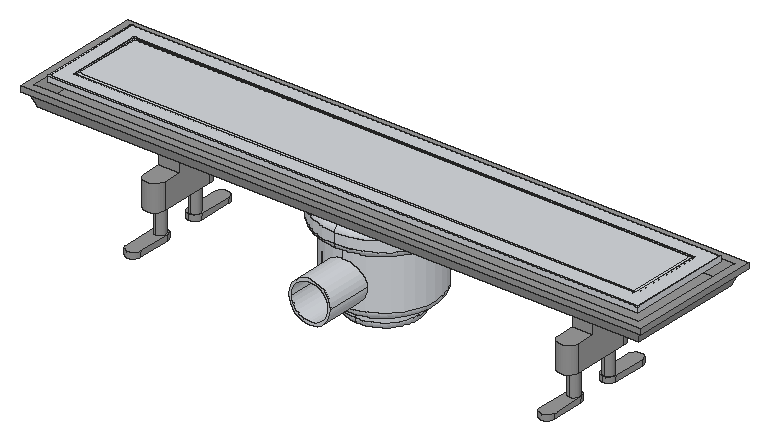
Revit family "S-779", category Plumbing Fixtures, Revit 2015
Parameters (values of type "70x550mm_Soft")
  WFU = 1
  URL = "http://www.jimten.com/en/producto/508/canaleta-linnum-salida-orientable-ancho-70-rejilla-soft"
  Total Minimum Height = "121-131 mm"  # constant formula
  Type Grid = 8
  Size = "550mm x 70mm"
  Reference = "13745"
  Outlet = "40M/50M"  # constant formula
  Model = "S-779"  # constant formula
  Material = ABS
  Hidraulic seal = "50 mm"  # constant formula
  H_Diameter = 40 mm
  Manufacturer = "Jimten"  # constant formula
  Grid = INOX AISI304
  Flowrate = 0.8 L/s  # constant formula
  Emin = 6 mm  # constant formula
  Emax = 16 mm  # constant formula
  E_Calc [instance] = if(E_HeightGrid < Emax, if(E_HeightGrid > Emin, E_HeightGrid, Emin), Emax)  # 8 mm
  E_HeightGrid [instance] = 8 mm
  DistLegs = 400 mm
  Description = "SHOWER CHANNEL FOR TILED SHOWERS, ORIENTABLE TRAP, ORIENTABLE HORIZONTAL OUTLET, WITH GRID SOFT, WITH HEIGHT REGULATION FEET"  # constant formula
  Type Comments = "WITH PRESSING RING FOR WATERPROOFING PVC OR GEOTEXTILE MEMBRANES. WITH PROTECTION COVER.  WITH GRID HEIGHT ADJUSTABLE."  # constant formula
  B_Grid = 570 mm
  A_Outlet = 600 mm
Types (6, lengths in mm): name | URL | Type Grid | Size | Reference | DistLegs | B_Grid | A_Outlet
  70x650mm_Soft | "http://www.jimten.com/en/producto/508/canaleta-linnum-salida-orientable-ancho-70-rejilla-soft" | 10 | "650mm x 70mm" | "13746" | 500 | 670 | 700
  70x750mm_Soft | "http://www.jimten.com/en/producto/508/canaleta-linnum-salida-orientable-ancho-70-rejilla-soft" | 11 | "750mm x 70mm" | "13747" | 600 | 770 | 800
  70x850mm_Soft | "http://www.jimten.com/en/producto/508/canaleta-linnum-salida-orientable-ancho-70-rejilla-softhttp://www.jimten.com/es/producto/508/canaleta-linnum-salida-orientable-ancho-70-rejilla-soft" | 13 | "850mm x 70mm" | "13748" | 700 | 870 | 900
  70x950mm_Soft | "http://www.jimten.com/en/producto/508/canaleta-linnum-salida-orientable-ancho-70-rejilla-soft" | 14 | "950mm x 70mm" | "13749" | 800 | 970 | 1000
  70x350mm_Soft | "http://www.jimten.com/en/producto/508/canaleta-linnum-salida-orientable-ancho-70-rejilla-soft" | 5 | "350mm x 70mm" | "13743" | 300 | 370 | 400
  70x550mm_Soft | "http://www.jimten.com/en/producto/508/canaleta-linnum-salida-orientable-ancho-70-rejilla-soft" | 8 | "550mm x 70mm" | "13745" | 400 | 570 | 600
Reference planes
  plane 1 "Center (Front/Back)": y = 0
  plane 2: z = 0
  plane 3 "Center (Left/Right)": x = 0
  plane 4: z = -8
  plane 5: x = -200
  plane 6: x = 200
Dimensions and locks
  "E_Calc": plane 2 to plane 4
  equal spacing: plane 5, plane 3 "Center (Left/Right)", plane 6
  "DistLegs": plane 5 to plane 6
  aligned and locked: level to plane 2
  aligned and locked: plane 4 to nested 1
  aligned and locked: nested 4 to nested 1
  aligned and locked: nested 3 to nested 1
  aligned and locked: nested 4 to plane 6
  aligned and locked: nested 3 to plane 5
Nested families
  nested 1: "S-779_Outlet" at (0, 0, -8), type "S-779_Outlet"
    with A 600 mm
  nested 2: "S-779_RejillaSoft" at (0, 0, 0), type "S-779_RejillaSoft"
  nested 3: "S-779_Patas" at (-190, -60.1, -124) x (0, 1, 0) z (0, 0, 1), type "S-779_Patas"
  nested 4: "S-779_Patas" at (210, -60.1, -124) x (0, 1, 0) z (0, 0, 1), type "S-779_Patas"
Connectors
  piping at (0, -90, -79), diameter 40, driven by "H_Diameter", driven by "WFU", driven by "Flowrate"
    settings: on nested 1, index 1, connector inside diameter 609.6 mm, connector length 0 mm, flow factor 0, pipe flow 0.8 L/s, pressure drop 0.0 Pa, fitting loss kfactor 0, connector angle 0.00°, fixture units 1, engagement length 0 mm, angle of deflection 0.00°, flow configuration 0, flow direction 2, fitting loss method 0, system type 16, joint type 0, gender type 0, connector reference index -1, connector utility 0, adjustable connector yes, is connector primary yes, connector description ""
Definition of nested family "S-779_Outlet"
  Parameters (values of type "S-771_Outlet")
    MaterialOutlet = none
    I = 25 mm
    H = 40 mm
    Hint = H - 5 mm  # 35 mm
    D = 116 mm
    G = 130 mm
    A = 1000 mm
  Reference planes
    plane 1 "Center (Front/Back)": y = 0
    plane 2: z = 0
    plane 3 "Center (Left/Right)": x = 0
    plane 4: x = -500
    plane 5: x = 500
    plane 6: y = 65
    plane 7: y = -65
    plane 8: z = -116
    plane 9: y = -90
    plane 10: z = -71
  Forms (mm)
    Sweep 1, solid, material <- "MaterialOutlet"
      path origin (0, 0, 0) x (1, 0, 0) y (0, 1, 0)
        loop
          line (-500, -65) -> (500, -65) -> (500, 65) -> (-500, 65) -> (-500, -65)
      profile origin (-500, 0, 0) x (-1, 0, 0) y (0, 0, 1)
        loop
          line (0, 0) -> (-7.504, 0) -> (-12.925, -14) -> (-17.925, -14) -> (-17.925, -19) -> (-9.5, -19) -> (-4.059, -4.951) -> (0, -4.951) -> (0, 0)
    Extrusion 2, solid, material <- "MaterialOutlet"
      sketch origin (0, 0, 0) x (1, 0, 0) y (0, 1, 0)
        loop
          line (-482.075, 47.075) -> (-482.075, -47.075) -> (482.075, -47.075) -> (482.075, 47.075) -> (-482.075, 47.075)
        loop
          circle (0, 0) r 25
      from -19 to -14
    Revolve 3, solid
      sketch origin (0, 0, 0) x (0, 1, 0) y (0, 0, 1)
        loop
          line (-45, -19) -> (-55, -19)
          arc (-55, -19) -> (-58.536, -20.464) -> (-60, -24) r 5
          line (-60, -24) -> (-60, -34)
          arc (-60, -34) -> (-58.536, -37.536) -> (-55, -39) r 5
          line (-55, -39) -> (-50, -39) -> (-50, -91.982)
          arc (-50, -91.982) -> (-47.944, -96.944) -> (-42.982, -99) r 7.018
          line (-42.982, -99) -> (-35, -99) -> (-35, -109)
          arc (-35, -109) -> (-32.95, -113.95) -> (-28, -116) r 7
          line (-28, -116) -> (0, -116) -> (0, -113) -> (-27, -113)
          arc (-27, -113) -> (-30.536, -111.536) -> (-32, -108) r 5
          line (-32, -108) -> (-32, -96) -> (-42.982, -96)
          arc (-42.982, -96) -> (-45.823, -94.823) -> (-47, -91.982) r 4.018
          line (-47, -91.982) -> (-47, -36) -> (-55, -36)
          arc (-55, -36) -> (-56.414, -35.414) -> (-57, -34) r 2
          line (-57, -34) -> (-57, -24)
          arc (-57, -24) -> (-56.414, -22.586) -> (-55, -22) r 2
          line (-55, -22) -> (-45, -22) -> (-45, -19)
        axis (0, -19) -> (0, -116)
      angle from 0 to 360
    Extrusion 4, solid
      sketch origin (-108.967, -65, 1200) x (-1, 0, 0) y (0, 0, 1)
        loop
          circle (-108.967, -1271) r 20
        loop
          circle (-108.967, -1271) r 17.5
      from -25 to 25.055
    Extrusion 5, void
      sketch origin (-108.967, -65, 1200) x (1, 0, 0) y (0, 0, 1)
        loop
          circle (108.967, -1271) r 17.5
      from -25.055 to -6.373
  Cuts and joins
    joined: Sweep 1, Extrusion 2
    Extrusion 5 cuts Revolve 3
    Extrusion 5 cuts Extrusion 4
    joined: Revolve 3, Extrusion 4
  Dimensions and locks
    equal spacing: plane 6, plane 1 "Center (Front/Back)", plane 7
    "G": plane 6 to plane 7
    equal spacing: plane 4, plane 3 "Center (Left/Right)", plane 5
    "A": plane 4 to plane 5
    "D": plane 2 to plane 8
    "I": plane 7 to plane 9
    plane 10 to plane 8 = 45 mm
    diameter of Extrusion 2 sketch curve = 50 mm
    "Hint": diameter of Extrusion 4 sketch curve
    "H": diameter of Extrusion 4 sketch curve
    aligned and locked: level to plane 2
    aligned and locked: plane 4 to Sweep 1 sketch curve
    aligned and locked: Sweep 1 sketch curve to plane 6
    aligned and locked: Sweep 1 sketch curve to plane 7
    aligned and locked: plane 5 to Sweep 1 sketch curve
    aligned and locked: Sweep 1 to Extrusion 2 sketch curve  (x3)
    aligned and locked: Extrusion 2 sketch curve to Sweep 1
    aligned and locked: Sweep 1 to Extrusion 2
    aligned and locked: Extrusion 4 to plane 9
    aligned and locked: Extrusion 5 sketch curve to Extrusion 4
  Automatic sketch dimensions
    Sweep 1 sketch curve to level = 0 mm
    Sweep 1 sketch curve to profile plane = 0 mm
    profile plane to Sweep 1 sketch curve = 4.059 mm
    profile plane to Sweep 1 sketch curve = 9.5 mm
    Sweep 1 sketch curve to Sweep 1 sketch curve = 3.425 mm
    Sweep 1 sketch curve to Sweep 1 sketch curve = 5 mm  (x2)
    Sweep 1 sketch curve to Sweep 1 sketch curve = 4.951 mm
    Sweep 1 sketch curve to Sweep 1 sketch curve = 3.444 mm
    plane 7 to Sweep 1 sketch curve = 0 mm
    Extrusion 2 sketch curve to plane 3 "Center (Left/Right)" = 0 mm
    plane 1 "Center (Front/Back)" to Extrusion 2 sketch curve = 0 mm
    Sweep 1 sketch curve to level = 14 mm
    Revolve 3 sketch curve to Revolve 3 sketch curve = 0 mm  (x8)
    Revolve 3 sketch curve to plane 8 = 0 mm
    Revolve 3 sketch curve to plane 1 "Center (Front/Back)" = 0 mm  (x2)
    plane 8 to Revolve 3 sketch curve = 8 mm
    plane 1 "Center (Front/Back)" to Revolve 3 sketch curve = 27 mm
    Revolve 3 sketch curve to Revolve 3 sketch curve = 1 mm
    Revolve 3 sketch curve to Revolve 3 sketch curve = 4 mm
    Revolve 3 sketch curve to Revolve 3 sketch curve = 3 mm  (x4)
    Revolve 3 sketch curve to Revolve 3 sketch curve = 7.982 mm
    plane 7 to Revolve 3 sketch curve = 20 mm
    Revolve 3 sketch curve to Revolve 3 sketch curve = 4.018 mm
    Revolve 3 sketch curve to Revolve 3 sketch curve = 8 mm
    Revolve 3 sketch curve to Revolve 3 sketch curve = 2 mm
    Revolve 3 sketch curve to Revolve 3 sketch curve = 10 mm  (x2)
    Revolve 3 sketch curve to Revolve 3 sketch curve = 9 mm
    Revolve 3 sketch curve to level = 29 mm
    Revolve 3 sketch curve to level = 39 mm
    Extrusion 4 sketch curve to Extrusion 4 sketch curve = 0 mm  (x2)
    Extrusion 4 sketch curve to plane 3 "Center (Left/Right)" = 0 mm
    Extrusion 4 sketch curve to plane 10 = 0 mm
Definition of nested family "S-779_RejillaSoft"
  Parameters (values of type "S-779_RejillaSoft")
    Model = ""
    MaterialRejilla = none
    F_C = (F - C) / 2  # 14.5 mm
    F = 100 mm
    C = 71 mm
    B = 570 mm
  Reference planes
    plane 1 "Center (Front/Back)": y = 0
    plane 2: z = 0
    plane 3 "Center (Left/Right)": x = 0
    plane 4: y = -50
    plane 5: x = -285
    plane 6: x = 285
    plane 7: y = 50
    plane 8: y = 35.5
    plane 9: y = -35.5
    plane 10: x = -270.5
    plane 11: x = 270.5
    plane 12: z = -6
    plane 13 "LineModelRejillas": z = 0.2
    plane 14: x = -246.5
    plane 15: x = 246.5
  Forms (mm)
    Sweep 1, solid
      path origin (0, 0, 0) x (1, 0, 0) y (0, 1, 0)
        loop
          line (-270.5, -35.5) -> (270.5, -35.5) -> (270.5, 35.5) -> (-270.5, 35.5) -> (-270.5, -35.5)
      profile origin (-270.5, 0, 0) x (-1, 0, 0) y (0, 0, 1)
        loop
          line (-1, -5.025) -> (-1, -1)
          arc (-1, -1) -> (-1.293, -0.293) -> (-2, 0) r 1
          line (-2, 0) -> (-6.487, 0) -> (-6.487, -1) -> (-2, -1) -> (-2, -6) -> (1, -6) -> (1, -1) -> (13.535, -1) -> (13.535, -6) -> (14.5, -6) -> (14.5, -0.5)
          arc (14.5, -0.5) -> (14.354, -0.146) -> (14, 0) r 0.5
          line (14, 0) -> (0.5, 0)
          arc (0.5, 0) -> (0.146, -0.146) -> (0, -0.5) r 0.5
          line (0, -0.5) -> (0, -5.025) -> (-1, -5.025)
    Extrusion 2, solid
      sketch origin (0, 0, 0) x (1, 0, 0) y (0, 1, 0)
        loop
          line (-264.013, 29.013) -> (-264.013, -29.013) -> (264.013, -29.013) -> (264.013, 29.013) -> (-264.013, 29.013)
      from -1 to 0
  Cuts and joins
    joined: Sweep 1, Extrusion 2
  Lines and regions (mm)
    model lines
      curve 1: line (-285, 50, 0.2) -> (285, 50, 0.2)
      curve 2: line (-285, -50, 0.2) -> (-285, 50, 0.2)
      curve 3: line (285, -50, 0.2) -> (-285, -50, 0.2)
      curve 4: line (285, 50, 0.2) -> (285, -50, 0.2)
  Dimensions and locks
    equal spacing: plane 7, plane 1 "Center (Front/Back)", plane 4
    "F": plane 7 to plane 4
    equal spacing: plane 8, plane 1 "Center (Front/Back)", plane 9
    "C": plane 8 to plane 9
    equal spacing: plane 5, plane 3 "Center (Left/Right)", plane 6
    "B": plane 5 to plane 6
    plane 10 to plane 5 = 14.5 mm
    "F_C": plane 5 to plane 10
    "F_C": plane 11 to plane 6
    plane 10 to plane 14 = 24 mm
    plane 15 to plane 11 = 24 mm
    plane 2 to plane 12 = 6 mm
    aligned and locked: level to plane 2
    aligned and locked: plane 10 to Sweep 1 sketch curve
    aligned and locked: Sweep 1 sketch curve to plane 8
    aligned and locked: plane 9 to Sweep 1 sketch curve
    aligned and locked: Sweep 1 sketch curve to plane 11
    aligned and locked: Sweep 1 to Extrusion 2 sketch curve  (x3)
    aligned and locked: Extrusion 2 sketch curve to Sweep 1
    aligned and locked: Sweep 1 sketch curve to plane 12
    aligned and locked: Sweep 1 sketch curve to plane 5
    aligned and locked: curve 1 to plane 7
    aligned and locked: plane 5 to curve 2
    aligned and locked: plane 4 to curve 3
    aligned and locked: plane 6 to curve 4
  Automatic sketch dimensions
    Sweep 1 sketch curve to level = 0 mm  (x2)
    Sweep 1 sketch curve to profile plane = 0 mm
    profile plane to Sweep 1 sketch curve = 1 mm
    Sweep 1 sketch curve to Sweep 1 sketch curve = 1 mm
    Sweep 1 sketch curve to Sweep 1 sketch curve = 0 mm  (x2)
    Sweep 1 sketch curve to level = 1 mm
    Sweep 1 sketch curve to Sweep 1 sketch curve = 4.487 mm
    Sweep 1 sketch curve to level = 0.5 mm  (x2)
    Sweep 1 sketch curve to profile plane = 1 mm
    Sweep 1 sketch curve to Sweep 1 sketch curve = 0.965 mm
    Sweep 1 sketch curve to Sweep 1 sketch curve = 0.975 mm
    Sweep 1 sketch curve to Sweep 1 sketch curve = 0.5 mm
Definition of nested family "S-779_Patas"
  Parameters (values of type "S-771_Patas")
    MaterialPata = none
  Reference planes
    plane 1 "Center (Front/Back)": y = 0
    plane 2: z = 0
    plane 3 "Center (Left/Right)": x = 0
    plane 4: z = 97
    plane 5: y = 20
    plane 6: y = 10
    plane 7: z = 82
    plane 8: z = 55
    plane 9: z = 30
    plane 10: z = 5
  Forms (mm)
    Extrusion 1, solid, material <- "MaterialPata"
      sketch origin (28.11, 0, 0) x (1, 0, 0) y (0, 1, 0)
        loop
          line (5, 0) -> (59.109, 0)
          arc (59.109, 0) -> (69.109, 10) -> (59.109, 20) r 10
          line (59.109, 20) -> (5, 20)
          arc (5, 20) -> (-5, 10) -> (5, 0) r 10
      from 30 to 55
    Extrusion 2, solid, material <- "MaterialPata"
      sketch origin (28.11, 0, 0) x (1, 0, 0) y (0, 0, 1)
        loop
          line (22.055, 55) -> (42.055, 55) -> (42.055, 82) -> (53.055, 82) -> (53.055, 97) -> (11.055, 97) -> (11.055, 82) -> (22.055, 82) -> (22.055, 55)
      from -20 to 0
    Extrusion 3, solid, material <- "MaterialPata"
      sketch origin (16.86, 0, 0) x (1, 0, 0) y (0, 1, 0)
        loop
          circle (22.305, 10) r 5
        loop
          circle (64.305, 10) r 5
      from 5 to 30
    Extrusion 4, solid, material <- "MaterialPata"
      sketch origin (16.86, 0, 0) x (1, 0, 0) y (0, 1, 0)
        loop
          line (22.305, 17.024) -> (-9.86, 17.024)
          arc (-9.86, 17.024) -> (-16.86, 10.024) -> (-9.86, 3.024) r 7
          line (-9.86, 3.024) -> (22.305, 3.024)
          arc (22.305, 3.024) -> (27.254, 5.074) -> (29.305, 10.024) r 7
          arc (29.305, 10.024) -> (27.254, 14.973) -> (22.305, 17.024) r 7
        loop
          arc (64.305, 16.922) -> (59.355, 14.872) -> (57.305, 9.922) r 7
          arc (57.305, 9.922) -> (59.355, 4.972) -> (64.305, 2.922) r 7
          line (64.305, 2.922) -> (96.34, 2.922)
          arc (96.34, 2.922) -> (103.34, 9.922) -> (96.34, 16.922) r 7
          line (96.34, 16.922) -> (64.305, 16.922)
      from 0 to 5
  Cuts and joins
    joined: Extrusion 1, Extrusion 2, Extrusion 3, Extrusion 4
  Dimensions and locks
    plane 4 to level = 97 mm
    plane 5 to plane 1 "Center (Front/Back)" = 20 mm
    equal spacing: plane 5, plane 6, plane 1 "Center (Front/Back)"
    aligned and locked: level to plane 2
    aligned and locked: plane 6 to Extrusion 3 sketch curve  (x2)
    aligned and locked: Extrusion 2 to plane 7
    aligned and locked: plane 4 to Extrusion 2
    aligned and locked: cut or joined group of Extrusion 1, Extrusion 2, Extrusion 3, Extrusion 4 to plane 7
    aligned and locked: plane 10 to cut or joined group of Extrusion 1, Extrusion 2, Extrusion 3, Extrusion 4
    aligned and locked: cut or joined group of Extrusion 1, Extrusion 2, Extrusion 3, Extrusion 4 to plane 9
    aligned and locked: plane 9 to cut or joined group of Extrusion 1, Extrusion 2, Extrusion 3, Extrusion 4
    aligned and locked: plane 8 to cut or joined group of Extrusion 1, Extrusion 2, Extrusion 3, Extrusion 4
    aligned and locked: cut or joined group of Extrusion 1, Extrusion 2, Extrusion 3, Extrusion 4 to plane 10
    aligned and locked: Extrusion 2 to Extrusion 1
    aligned and locked: cut or joined group of Extrusion 1, Extrusion 2, Extrusion 3, Extrusion 4 to plane 2
    aligned and locked: Extrusion 1 to Extrusion 2
    aligned and locked: cut or joined group of Extrusion 1, Extrusion 2, Extrusion 3, Extrusion 4 to plane 5
    aligned and locked: plane 5 to cut or joined group of Extrusion 1, Extrusion 2, Extrusion 3, Extrusion 4
  Automatic sketch dimensions
    plane 1 "Center (Front/Back)" to Extrusion 1 sketch curve = 0 mm
    Extrusion 1 sketch curve to plane 5 = 0 mm
    plane 3 "Center (Left/Right)" to Extrusion 1 sketch curve = 33.11 mm
    Extrusion 1 sketch curve to Extrusion 1 sketch curve = 54.109 mm
    Extrusion 2 sketch curve to plane 4 = 15 mm  (x2)
    plane 3 "Center (Left/Right)" to Extrusion 2 sketch curve = 39.165 mm
    Extrusion 2 sketch curve to plane 4 = 42 mm
    Extrusion 2 sketch curve to Extrusion 2 sketch curve = 11 mm  (x2)
    Extrusion 2 sketch curve to Extrusion 2 sketch curve = 20 mm
    Extrusion 2 sketch curve to Extrusion 2 sketch curve = 15 mm
    plane 3 "Center (Left/Right)" to Extrusion 3 sketch curve = 39.165 mm
    Extrusion 3 sketch curve to Extrusion 3 sketch curve = 42 mm
    Extrusion 4 sketch curve to Extrusion 4 sketch curve = 0 mm  (x2)
    plane 6 to Extrusion 4 sketch curve = 0.024 mm
    Extrusion 4 sketch curve to plane 6 = 0.078 mm
    plane 3 "Center (Left/Right)" to Extrusion 4 sketch curve = 7 mm
    Extrusion 4 sketch curve to plane 1 "Center (Front/Back)" = 3.024 mm
    plane 3 "Center (Left/Right)" to Extrusion 4 sketch curve = 39.165 mm
    Extrusion 4 sketch curve to Extrusion 4 sketch curve = 35 mm
    Extrusion 4 sketch curve to Extrusion 4 sketch curve = 32.036 mm
    Extrusion 4 sketch curve to plane 1 "Center (Front/Back)" = 2.922 mm
    radius of Extrusion 3 sketch curve = 5 mm  (x2)
